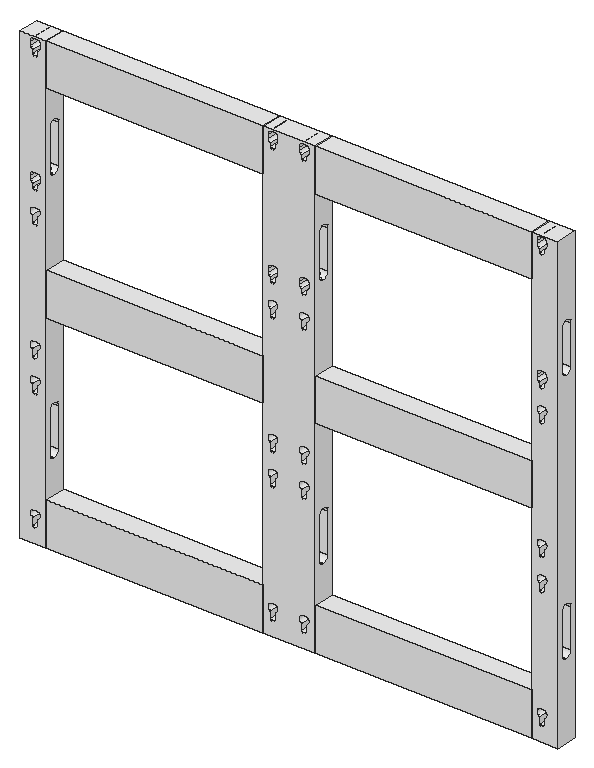
Revit family "DAK-NPN-COB-X600-3x2-Speed Frame_R23", category Generic Models, Revit 2023
Family settings
  Can host rebar = No
  Round Connector Dimension = Use Diameter
  Part Type = Normal
  Work Plane-Based = No
  Always vertical = Yes
  Cut with Voids When Loaded = No
  Maintain Annotation Orientation = No
  Shared = No
  Room Calculation Point = No
Parameters
  Default Elevation = 0' - 0"
Reference planes (in)
  plane 1 "Center (Front/Back)": y = 0
  plane 2: z = 0
  plane 3 "Center (Left/Right)": x = 0
Forms (in)
  Extrusion 1, solid, material "Aluminum"
    sketch origin (0, 0, 0) x (1, 0, 0) y (0, 0, 1)
      loop
        line (21.34252, 39.8622) -> (21.34252, 0) -> (25.90945, 0) -> (25.90945, 39.8622) -> (21.34252, 39.8622)
      loop
        line (2.26772, 0) -> (2.26772, 39.8622) -> (0, 39.8622) -> (0, 0) -> (2.26772, 0)
      loop
        line (44.98425, 0) -> (47.24409, 0) -> (47.24409, 39.8622) -> (44.98425, 39.8622) -> (44.98425, 0)
    from 0 to 1.83071
  Extrusion 2, void
    sketch origin (0, 0, 0) x (1, 0, 0) y (0, 0, 1)
      loop
        arc (1.60839, 12.45804) -> (1.80983, 12.87942) -> (1.44439, 13.17028) r 0.375
        line (1.44439, 13.17028) -> (1.31939, 13.17028)
        arc (1.31939, 13.17028) -> (0.95395, 12.87942) -> (1.15539, 12.45804) r 0.375
        line (1.15539, 12.45804) -> (1.15539, 11.92913)
        arc (1.15539, 11.92913) -> (1.20343, 11.81317) -> (1.31939, 11.76514) r 0.164
        line (1.31939, 11.76514) -> (1.44439, 11.76514)
        arc (1.44439, 11.76514) -> (1.56035, 11.81317) -> (1.60839, 11.92913) r 0.164
        line (1.60839, 11.92913) -> (1.60839, 12.45804)
      loop
        arc (1.60839, 15.21394) -> (1.80983, 15.63532) -> (1.44439, 15.92618) r 0.375
        line (1.44439, 15.92618) -> (1.31939, 15.92618)
        arc (1.31939, 15.92618) -> (0.95395, 15.63532) -> (1.15539, 15.21394) r 0.375
        line (1.15539, 15.21394) -> (1.15539, 14.68504)
        arc (1.15539, 14.68504) -> (1.20343, 14.56908) -> (1.31939, 14.52104) r 0.164
        line (1.31939, 14.52104) -> (1.44439, 14.52104)
        arc (1.44439, 14.52104) -> (1.56035, 14.56908) -> (1.60839, 14.68504) r 0.164
        line (1.60839, 14.68504) -> (1.60839, 15.21394)
      loop
        arc (22.47453, 12.45804) -> (22.67597, 12.87942) -> (22.31053, 13.17028) r 0.375
        line (22.31053, 13.17028) -> (22.18553, 13.17028)
        arc (22.18553, 13.17028) -> (21.82009, 12.87942) -> (22.02153, 12.45804) r 0.375
        line (22.02153, 12.45804) -> (22.02153, 11.92913)
        arc (22.02153, 11.92913) -> (22.06957, 11.81317) -> (22.18553, 11.76513) r 0.164
        line (22.18553, 11.76513) -> (22.31053, 11.76513)
        arc (22.31053, 11.76513) -> (22.4265, 11.81317) -> (22.47453, 11.92913) r 0.164
        line (22.47453, 11.92913) -> (22.47453, 12.45804)
      loop
        arc (22.47453, 15.21394) -> (22.67597, 15.63533) -> (22.31053, 15.92618) r 0.375
        line (22.31053, 15.92618) -> (22.18553, 15.92618)
        arc (22.18553, 15.92618) -> (21.82009, 15.63533) -> (22.02153, 15.21394) r 0.375
        line (22.02153, 15.21394) -> (22.02153, 14.68504)
        arc (22.02153, 14.68504) -> (22.06957, 14.56907) -> (22.18553, 14.52104) r 0.164
        line (22.18553, 14.52104) -> (22.31053, 14.52104)
        arc (22.31053, 14.52104) -> (22.4265, 14.56907) -> (22.47453, 14.68504) r 0.164
        line (22.47453, 14.68504) -> (22.47453, 15.21394)
      loop
        arc (1.60839, 25.74544) -> (1.80983, 26.16682) -> (1.44439, 26.45768) r 0.375
        line (1.44439, 26.45768) -> (1.31939, 26.45768)
        arc (1.31939, 26.45768) -> (0.95395, 26.16682) -> (1.15539, 25.74544) r 0.375
        line (1.15539, 25.74544) -> (1.15539, 25.21654)
        arc (1.15539, 25.21654) -> (1.20343, 25.10057) -> (1.31939, 25.05254) r 0.164
        line (1.31939, 25.05254) -> (1.44439, 25.05254)
        arc (1.44439, 25.05254) -> (1.56035, 25.10057) -> (1.60839, 25.21654) r 0.164
        line (1.60839, 25.21654) -> (1.60839, 25.74544)
      loop
        arc (0.94441, 28.56299) -> (1.0015, 28.3641) -> (1.15539, 28.22576) r 0.375
        line (1.15539, 28.22576) -> (1.15539, 27.97244)
        arc (1.15539, 27.97244) -> (1.20343, 27.85648) -> (1.31939, 27.80844) r 0.164
        line (1.31939, 27.80844) -> (1.44439, 27.80844)
        arc (1.44439, 27.80844) -> (1.56035, 27.85648) -> (1.60839, 27.97244) r 0.164
        line (1.60839, 27.97244) -> (1.60839, 28.22572)
        arc (1.60839, 28.22572) -> (1.76233, 28.36406) -> (1.81945, 28.56299) r 0.375
        line (1.81945, 28.56299) -> (1.81945, 28.83858)
        arc (1.81945, 28.83858) -> (1.70961, 29.10375) -> (1.44445, 29.21358) r 0.375
        line (1.44445, 29.21358) -> (1.31941, 29.21358)
        arc (1.31941, 29.21358) -> (1.05424, 29.10375) -> (0.94441, 28.83858) r 0.375
        line (0.94441, 28.83858) -> (0.94441, 28.56299)
      loop
        arc (22.47453, 25.74544) -> (22.67597, 26.16682) -> (22.31053, 26.45768) r 0.375
        line (22.31053, 26.45768) -> (22.18553, 26.45768)
        arc (22.18553, 26.45768) -> (21.82009, 26.16682) -> (22.02153, 25.74544) r 0.375
        line (22.02153, 25.74544) -> (22.02153, 25.21654)
        arc (22.02153, 25.21654) -> (22.06957, 25.10057) -> (22.18553, 25.05254) r 0.164
        line (22.18553, 25.05254) -> (22.31053, 25.05254)
        arc (22.31053, 25.05254) -> (22.4265, 25.10057) -> (22.47453, 25.21654) r 0.164
        line (22.47453, 25.21654) -> (22.47453, 25.74544)
      loop
        arc (22.68553, 28.83858) -> (22.5757, 29.10375) -> (22.31053, 29.21358) r 0.375
        line (22.31053, 29.21358) -> (22.18549, 29.21358)
        arc (22.18549, 29.21358) -> (21.92033, 29.10375) -> (21.81049, 28.83858) r 0.375
        line (21.81049, 28.83858) -> (21.81049, 28.56299)
        arc (21.81049, 28.56299) -> (21.8676, 28.36407) -> (22.02153, 28.22574) r 0.375
        line (22.02153, 28.22574) -> (22.02153, 27.97244)
        arc (22.02153, 27.97244) -> (22.06957, 27.85648) -> (22.18553, 27.80844) r 0.164
        line (22.18553, 27.80844) -> (22.31053, 27.80844)
        arc (22.31053, 27.80844) -> (22.4265, 27.85648) -> (22.47453, 27.97244) r 0.164
        line (22.47453, 27.97244) -> (22.47453, 28.22575)
        arc (22.47453, 28.22575) -> (22.62843, 28.36409) -> (22.68553, 28.56299) r 0.375
        line (22.68553, 28.56299) -> (22.68553, 28.83858)
      loop
        arc (25.23044, 12.45804) -> (25.43187, 12.87942) -> (25.06644, 13.17028) r 0.375
        line (25.06644, 13.17028) -> (24.94144, 13.17028)
        arc (24.94144, 13.17028) -> (24.576, 12.87942) -> (24.77744, 12.45804) r 0.375
        line (24.77744, 12.45804) -> (24.77744, 11.92913)
        arc (24.77744, 11.92913) -> (24.82547, 11.81317) -> (24.94144, 11.76513) r 0.164
        line (24.94144, 11.76513) -> (25.06644, 11.76513)
        arc (25.06644, 11.76513) -> (25.1824, 11.81317) -> (25.23044, 11.92913) r 0.164
        line (25.23044, 11.92913) -> (25.23044, 12.45804)
      loop
        arc (24.94144, 15.92618) -> (24.576, 15.63533) -> (24.77744, 15.21394) r 0.375
        line (24.77744, 15.21394) -> (24.77744, 14.68504)
        arc (24.77744, 14.68504) -> (24.82547, 14.56907) -> (24.94144, 14.52104) r 0.164
        line (24.94144, 14.52104) -> (25.06644, 14.52104)
        arc (25.06644, 14.52104) -> (25.1824, 14.56907) -> (25.23044, 14.68504) r 0.164
        line (25.23044, 14.68504) -> (25.23044, 15.21394)
        arc (25.23044, 15.21394) -> (25.43187, 15.63533) -> (25.06644, 15.92618) r 0.375
        line (25.06644, 15.92618) -> (24.94144, 15.92618)
      loop
        arc (46.09657, 12.45804) -> (46.29802, 12.87942) -> (45.93258, 13.17028) r 0.375
        line (45.93258, 13.17028) -> (45.80758, 13.17028)
        arc (45.80758, 13.17028) -> (45.44214, 12.87942) -> (45.64358, 12.45804) r 0.375
        line (45.64358, 12.45804) -> (45.64358, 11.92913)
        arc (45.64358, 11.92913) -> (45.69162, 11.81317) -> (45.80758, 11.76514) r 0.164
        line (45.80758, 11.76514) -> (45.93258, 11.76514)
        arc (45.93258, 11.76514) -> (46.04854, 11.81317) -> (46.09657, 11.92913) r 0.164
        line (46.09657, 11.92913) -> (46.09657, 12.45804)
      loop
        arc (46.09657, 15.21394) -> (46.29802, 15.63532) -> (45.93258, 15.92618) r 0.375
        line (45.93258, 15.92618) -> (45.80758, 15.92618)
        arc (45.80758, 15.92618) -> (45.44214, 15.63532) -> (45.64358, 15.21394) r 0.375
        line (45.64358, 15.21394) -> (45.64358, 14.68504)
        arc (45.64358, 14.68504) -> (45.69162, 14.56908) -> (45.80758, 14.52104) r 0.164
        line (45.80758, 14.52104) -> (45.93258, 14.52104)
        arc (45.93258, 14.52104) -> (46.04854, 14.56908) -> (46.09657, 14.68504) r 0.164
        line (46.09657, 14.68504) -> (46.09657, 15.21394)
      loop
        arc (25.23044, 25.74544) -> (25.43187, 26.16682) -> (25.06644, 26.45768) r 0.375
        line (25.06644, 26.45768) -> (24.94144, 26.45768)
        arc (24.94144, 26.45768) -> (24.576, 26.16682) -> (24.77744, 25.74544) r 0.375
        line (24.77744, 25.74544) -> (24.77744, 25.21654)
        arc (24.77744, 25.21654) -> (24.82547, 25.10057) -> (24.94144, 25.05254) r 0.164
        line (24.94144, 25.05254) -> (25.06644, 25.05254)
        arc (25.06644, 25.05254) -> (25.1824, 25.10057) -> (25.23044, 25.21654) r 0.164
        line (25.23044, 25.21654) -> (25.23044, 25.74544)
      loop
        arc (24.56644, 28.56299) -> (24.62353, 28.36409) -> (24.77744, 28.22575) r 0.375
        line (24.77744, 28.22575) -> (24.77744, 27.97244)
        arc (24.77744, 27.97244) -> (24.82547, 27.85648) -> (24.94144, 27.80844) r 0.164
        line (24.94144, 27.80844) -> (25.06644, 27.80844)
        arc (25.06644, 27.80844) -> (25.1824, 27.85648) -> (25.23044, 27.97244) r 0.164
        line (25.23044, 27.97244) -> (25.23044, 28.22574)
        arc (25.23044, 28.22574) -> (25.38437, 28.36407) -> (25.44148, 28.56299) r 0.375
        line (25.44148, 28.56299) -> (25.44148, 28.83858)
        arc (25.44148, 28.83858) -> (25.33164, 29.10375) -> (25.06648, 29.21358) r 0.375
        line (25.06648, 29.21358) -> (24.94144, 29.21358)
        arc (24.94144, 29.21358) -> (24.67627, 29.10375) -> (24.56644, 28.83858) r 0.375
        line (24.56644, 28.83858) -> (24.56644, 28.56299)
      loop
        arc (46.09657, 25.74544) -> (46.29802, 26.16682) -> (45.93258, 26.45768) r 0.375
        line (45.93258, 26.45768) -> (45.80758, 26.45768)
        arc (45.80758, 26.45768) -> (45.44214, 26.16682) -> (45.64358, 25.74544) r 0.375
        line (45.64358, 25.74544) -> (45.64358, 25.21654)
        arc (45.64358, 25.21654) -> (45.69162, 25.10057) -> (45.80758, 25.05254) r 0.164
        line (45.80758, 25.05254) -> (45.93258, 25.05254)
        arc (45.93258, 25.05254) -> (46.04854, 25.10057) -> (46.09657, 25.21654) r 0.164
        line (46.09657, 25.21654) -> (46.09657, 25.74544)
      loop
        arc (45.43252, 28.56299) -> (45.48963, 28.36406) -> (45.64358, 28.22572) r 0.375
        line (45.64358, 28.22572) -> (45.64358, 27.97244)
        arc (45.64358, 27.97244) -> (45.69162, 27.85648) -> (45.80758, 27.80844) r 0.164
        line (45.80758, 27.80844) -> (45.93258, 27.80844)
        arc (45.93258, 27.80844) -> (46.04854, 27.85648) -> (46.09657, 27.97244) r 0.164
        line (46.09657, 27.97244) -> (46.09657, 28.22576)
        arc (46.09657, 28.22576) -> (46.25047, 28.3641) -> (46.30756, 28.56299) r 0.375
        line (46.30756, 28.56299) -> (46.30756, 28.83858)
        arc (46.30756, 28.83858) -> (46.19772, 29.10375) -> (45.93256, 29.21358) r 0.375
        line (45.93256, 29.21358) -> (45.80752, 29.21358)
        arc (45.80752, 29.21358) -> (45.54235, 29.10375) -> (45.43252, 28.83858) r 0.375
        line (45.43252, 28.83858) -> (45.43252, 28.56299)
      loop
        arc (1.15539, 1.39764) -> (1.20343, 1.28168) -> (1.31939, 1.23364) r 0.164
        line (1.31939, 1.23364) -> (1.44439, 1.23364)
        arc (1.44439, 1.23364) -> (1.56035, 1.28168) -> (1.60839, 1.39764) r 0.164
        line (1.60839, 1.39764) -> (1.60839, 1.92654)
        arc (1.60839, 1.92654) -> (1.80983, 2.34792) -> (1.44439, 2.63878) r 0.375
        line (1.44439, 2.63878) -> (1.31939, 2.63878)
        arc (1.31939, 2.63878) -> (0.95395, 2.34792) -> (1.15539, 1.92654) r 0.375
        line (1.15539, 1.92654) -> (1.15539, 1.39764)
      loop
        arc (25.06644, 1.23364) -> (25.1824, 1.28167) -> (25.23044, 1.39764) r 0.164
        line (25.23044, 1.39764) -> (25.23044, 1.92654)
        arc (25.23044, 1.92654) -> (25.43187, 2.34793) -> (25.06644, 2.63878) r 0.375
        line (25.06644, 2.63878) -> (24.94144, 2.63878)
        arc (24.94144, 2.63878) -> (24.576, 2.34793) -> (24.77744, 1.92654) r 0.375
        line (24.77744, 1.92654) -> (24.77744, 1.39764)
        arc (24.77744, 1.39764) -> (24.82547, 1.28167) -> (24.94144, 1.23364) r 0.164
        line (24.94144, 1.23364) -> (25.06644, 1.23364)
      loop
        arc (22.31053, 1.23364) -> (22.4265, 1.28167) -> (22.47453, 1.39764) r 0.164
        line (22.47453, 1.39764) -> (22.47453, 1.92654)
        arc (22.47453, 1.92654) -> (22.67597, 2.34793) -> (22.31053, 2.63878) r 0.375
        line (22.31053, 2.63878) -> (22.18553, 2.63878)
        arc (22.18553, 2.63878) -> (21.82009, 2.34793) -> (22.02153, 1.92654) r 0.375
        line (22.02153, 1.92654) -> (22.02153, 1.39764)
        arc (22.02153, 1.39764) -> (22.06957, 1.28167) -> (22.18553, 1.23364) r 0.164
        line (22.18553, 1.23364) -> (22.31053, 1.23364)
      loop
        arc (45.93258, 1.23364) -> (46.04854, 1.28168) -> (46.09657, 1.39764) r 0.164
        line (46.09657, 1.39764) -> (46.09657, 1.92654)
        arc (46.09657, 1.92654) -> (46.29802, 2.34792) -> (45.93258, 2.63878) r 0.375
        line (45.93258, 2.63878) -> (45.80758, 2.63878)
        arc (45.80758, 2.63878) -> (45.44214, 2.34792) -> (45.64358, 1.92654) r 0.375
        line (45.64358, 1.92654) -> (45.64358, 1.39764)
        arc (45.64358, 1.39764) -> (45.69162, 1.28168) -> (45.80758, 1.23364) r 0.164
        line (45.80758, 1.23364) -> (45.93258, 1.23364)
      loop
        arc (0.94441, 39.09449) -> (1.0015, 38.89559) -> (1.15539, 38.75726) r 0.375
        line (1.15539, 38.75726) -> (1.15539, 38.50394)
        arc (1.15539, 38.50394) -> (1.20343, 38.38797) -> (1.31939, 38.33994) r 0.164
        line (1.31939, 38.33994) -> (1.44439, 38.33994)
        arc (1.44439, 38.33994) -> (1.56035, 38.38797) -> (1.60839, 38.50394) r 0.164
        line (1.60839, 38.50394) -> (1.60839, 38.75722)
        arc (1.60839, 38.75722) -> (1.76233, 38.89556) -> (1.81945, 39.09449) r 0.375
        line (1.81945, 39.09449) -> (1.81945, 39.37008)
        arc (1.81945, 39.37008) -> (1.70961, 39.63524) -> (1.44445, 39.74508) r 0.375
        line (1.44445, 39.74508) -> (1.31941, 39.74508)
        arc (1.31941, 39.74508) -> (1.05424, 39.63524) -> (0.94441, 39.37008) r 0.375
        line (0.94441, 39.37008) -> (0.94441, 39.09449)
      loop
        arc (22.68553, 39.37008) -> (22.5757, 39.63524) -> (22.31053, 39.74508) r 0.375
        line (22.31053, 39.74508) -> (22.18549, 39.74508)
        arc (22.18549, 39.74508) -> (21.92033, 39.63524) -> (21.81049, 39.37008) r 0.375
        line (21.81049, 39.37008) -> (21.81049, 39.09449)
        arc (21.81049, 39.09449) -> (21.8676, 38.89557) -> (22.02153, 38.75723) r 0.375
        line (22.02153, 38.75723) -> (22.02153, 38.50394)
        arc (22.02153, 38.50394) -> (22.06957, 38.38797) -> (22.18553, 38.33994) r 0.164
        line (22.18553, 38.33994) -> (22.31053, 38.33994)
        arc (22.31053, 38.33994) -> (22.4265, 38.38797) -> (22.47453, 38.50394) r 0.164
        line (22.47453, 38.50394) -> (22.47453, 38.75725)
        arc (22.47453, 38.75725) -> (22.62843, 38.89558) -> (22.68553, 39.09449) r 0.375
        line (22.68553, 39.09449) -> (22.68553, 39.37008)
      loop
        arc (24.56644, 39.09449) -> (24.62353, 38.89558) -> (24.77744, 38.75725) r 0.375
        line (24.77744, 38.75725) -> (24.77744, 38.50394)
        arc (24.77744, 38.50394) -> (24.82547, 38.38797) -> (24.94144, 38.33994) r 0.164
        line (24.94144, 38.33994) -> (25.06644, 38.33994)
        arc (25.06644, 38.33994) -> (25.1824, 38.38797) -> (25.23044, 38.50394) r 0.164
        line (25.23044, 38.50394) -> (25.23044, 38.75723)
        arc (25.23044, 38.75723) -> (25.38437, 38.89557) -> (25.44148, 39.09449) r 0.375
        line (25.44148, 39.09449) -> (25.44148, 39.37008)
        arc (25.44148, 39.37008) -> (25.33164, 39.63524) -> (25.06648, 39.74508) r 0.375
        line (25.06648, 39.74508) -> (24.94144, 39.74508)
        arc (24.94144, 39.74508) -> (24.67627, 39.63524) -> (24.56644, 39.37008) r 0.375
        line (24.56644, 39.37008) -> (24.56644, 39.09449)
      loop
        arc (45.43252, 39.09449) -> (45.48963, 38.89556) -> (45.64358, 38.75722) r 0.375
        line (45.64358, 38.75722) -> (45.64358, 38.50394)
        arc (45.64358, 38.50394) -> (45.69162, 38.38797) -> (45.80758, 38.33994) r 0.164
        line (45.80758, 38.33994) -> (45.93258, 38.33994)
        arc (45.93258, 38.33994) -> (46.04854, 38.38797) -> (46.09657, 38.50394) r 0.164
        line (46.09657, 38.50394) -> (46.09657, 38.75726)
        arc (46.09657, 38.75726) -> (46.25047, 38.89559) -> (46.30756, 39.09449) r 0.375
        line (46.30756, 39.09449) -> (46.30756, 39.37008)
        arc (46.30756, 39.37008) -> (46.19772, 39.63524) -> (45.93256, 39.74508) r 0.375
        line (45.93256, 39.74508) -> (45.80752, 39.74508)
        arc (45.80752, 39.74508) -> (45.54235, 39.63524) -> (45.43252, 39.37008) r 0.375
        line (45.43252, 39.37008) -> (45.43252, 39.09449)
    from 0 to 1.83071
  Extrusion 3, solid, material "Aluminum"
    sketch origin (0, 0, 0) x (1, 0, 0) y (0, 0, 1)
      loop
        line (21.34252, 39.8622) -> (2.26772, 39.8622) -> (2.26772, 36.12598) -> (21.34252, 36.12598) -> (21.34252, 39.8622)
      loop
        line (44.98425, 39.8622) -> (25.90945, 39.8622) -> (25.90945, 36.12598) -> (44.98425, 36.12598) -> (44.98425, 39.8622)
      loop
        line (21.34252, 21.80906) -> (2.26772, 21.80906) -> (2.26772, 18.09252) -> (21.34252, 18.09252) -> (21.34252, 21.80906)
      loop
        line (25.90945, 21.80906) -> (25.90945, 18.09252) -> (44.98425, 18.09252) -> (44.98425, 21.80906) -> (25.90945, 21.80906)
      loop
        line (2.26772, 3.77559) -> (2.26772, 0) -> (21.34252, 0) -> (21.34252, 3.77559) -> (2.26772, 3.77559)
      loop
        line (25.90945, 0) -> (44.98425, 0) -> (44.98425, 3.77559) -> (25.90945, 3.77559) -> (25.90945, 0)
    from 0 to 1.83071
  Extrusion 4, void
    sketch origin (0, 0, 0) x (0, 1, 0) y (0, 0, 1)
      loop
        line (-0.39567, 7.10157) -> (-0.39567, 10.52677)
        arc (-0.39567, 10.52677) -> (-0.5282, 10.86583) -> (-0.85552, 11.02516) r 0.5
        arc (-0.85552, 11.02516) -> (-0.91535, 11.06959) -> (-0.97518, 11.02516) r 0.0625
        arc (-0.97518, 11.02516) -> (-1.30251, 10.86583) -> (-1.43504, 10.52677) r 0.5
        line (-1.43504, 10.52677) -> (-1.43504, 7.10157)
        arc (-1.43504, 7.10157) -> (-1.30251, 6.76251) -> (-0.97518, 6.60319) r 0.5
        arc (-0.97518, 6.60319) -> (-0.91535, 6.55876) -> (-0.85552, 6.60319) r 0.0625
        arc (-0.85552, 6.60319) -> (-0.5282, 6.76251) -> (-0.39567, 7.10157) r 0.5
      loop
        line (-0.39567, 29.4063) -> (-0.39567, 32.8315)
        arc (-0.39567, 32.8315) -> (-0.5282, 33.17056) -> (-0.85552, 33.32988) r 0.5
        arc (-0.85552, 33.32988) -> (-0.91535, 33.37431) -> (-0.97518, 33.32988) r 0.0625
        arc (-0.97518, 33.32988) -> (-1.30251, 33.17056) -> (-1.43504, 32.8315) r 0.5
        line (-1.43504, 32.8315) -> (-1.43504, 29.4063)
        arc (-1.43504, 29.4063) -> (-1.30251, 29.06724) -> (-0.97518, 28.90791) r 0.5
        arc (-0.97518, 28.90791) -> (-0.91535, 28.86348) -> (-0.85552, 28.90791) r 0.0625
        arc (-0.85552, 28.90791) -> (-0.5282, 29.06724) -> (-0.39567, 29.4063) r 0.5
    from 0 to 47.24409
Cuts and joins
  Extrusion 2, Extrusion 4 cuts Extrusion 1
Dimensions and locks (in)
  aligned and locked: plane 2 to level
